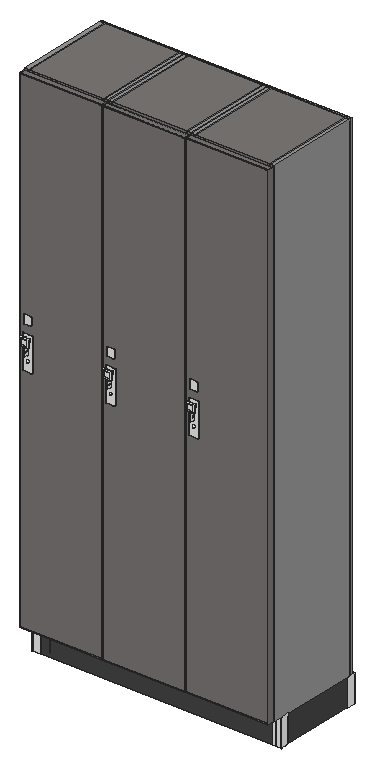
Revit family "Wood_Lockers_Hasps-Salsbury_Industries-41000_Series-3_Wide_Units.rfa", category Specialty Equipment, Revit 2016 (continued)
Definition of nested family "Wood Locker Sloping Corner Fillers"
  Forms (in)
    Extrusion 3, void
      sketch origin (0, 0, 0) x (0, -1, 0) y (1, 0, 0)
        loop
          line (7, 7) -> (-7.625, -7.625) -> (7, -7.625) -> (7, 7)
      from 0 to 5.743
    Extrusion 4, solid, material <- "Laminate Surface", visible <- "Visible"
      sketch origin (9.25, 0, 0) x (0, -1, 0) y (0, 0, 1)
        loop
          line (7, 0) -> (7, 0.062) -> (6.969, 0.062) -> (6.969, 0) -> (7, 0)
      from 0 to 2.25
    Extrusion 5, solid, visible <- "Visible"
      sketch origin (-1.125, -0.8125, 0) x (1, 0, 0) y (0, 0, 1)
        loop
          line (6.28523, 0) -> (8.094, 0) -> (8.094, 0.062) -> (8.04519, 0.062) -> (-6.5, 5.712) -> (-6.5, 4.99437) -> (6.28523, 0)
      from -8.4375 to 8.4375
    Extrusion 6, solid, material <- "Laminate Surface", visible <- "Visible"
      sketch origin (-1.125, -0.8125, 0) x (1, 0, 0) y (0, 0, 1)
        loop
          line (-6.5, 5.743) -> (-6.5, 5.712) -> (8.04519, 0.062) -> (8.125, 0.062) -> (-6.5, 5.743)
      from -8.4375 to 8.4375
    Extrusion 7, solid, material <- "Laminate Surface", visible <- "Visible"
      sketch origin (0, -7, 0) x (1, 0, 0) y (0, 0, 1)
        loop
          line (7, 0) -> (7, 0.062) -> (6.969, 0.062) -> (6.969, 0) -> (7, 0)
      from 0 to 2.25
    Extrusion 8, void
      sketch origin (9.25, 0, 0) x (0, -1, 0) y (0, 0, 1)
        loop
          line (-7.625, 0) -> (5.16023, 0) -> (-7.625, 4.99437) -> (-7.625, 0)
      from 0 to 16.875
  Cuts and joins
    Extrusion 3, Extrusion 8 cuts Extrusion 1
    Extrusion 3 cuts Extrusion 2
    Extrusion 8 cuts Extrusion 5
    Extrusion 8 cuts Extrusion 6
  Dimensions and locks (in)
    locked: plane 4 "Front of Hood" to plane 7 "Black Trim Line" at 0.031
    locked: plane 8 to plane 6 "Bottom of Hood" at 0.062
    locked: plane 9 to plane 6 "Bottom of Hood" at 0.75
    "Height": plane 14 "Top" to plane 6 "Bottom of Hood"
    "Width": plane 12 "New Left Side" to plane 13 "New Right Side"
    "Depth": plane 11 "New Front of Hood" to plane 10 "New Back of Hood"
    equal spacing: plane 12 "New Left Side", plane 3 "Center (Left/Right)", plane 13 "New Right Side"
    equal spacing: plane 11 "New Front of Hood", plane 1 "Center (Front/Back)", plane 10 "New Back of Hood"
    locked: plane 5 "Right Side of Hood" to plane 13 "New Right Side" at 2.25
    locked: plane 11 "New Front of Hood" to plane 4 "Front of Hood" at 2.25
    locked: plane 15 to plane 5 "Right Side of Hood" at 0.031
    aligned and locked: level to plane 2
    aligned and locked: plane 12 "New Left Side" to Extrusion 3
    aligned and locked: Extrusion 2 to plane 13 "New Right Side"
    aligned and locked: plane 12 "New Left Side" to cut or joined group of Extrusion 2, Extrusion 3
    aligned and locked: cut or joined group of Extrusion 2, Extrusion 3 to plane 10 "New Back of Hood"
    aligned and locked: plane 12 "New Left Side" to cut or joined group of Extrusion 1, Extrusion 3, Extrusion 8
    aligned and locked: cut or joined group of Extrusion 1, Extrusion 3, Extrusion 8 to plane 13 "New Right Side"
    aligned and locked: cut or joined group of Extrusion 1, Extrusion 3, Extrusion 8 to plane 10 "New Back of Hood"  (x2)
    aligned and locked: plane 4 "Front of Hood" to cut or joined group of Extrusion 2, Extrusion 3
    aligned and locked: Extrusion 3 to cut or joined group of Extrusion 2, Extrusion 3
    aligned and locked: plane 13 "New Right Side" to cut or joined group of Extrusion 1, Extrusion 3, Extrusion 8
    aligned and locked: plane 5 "Right Side of Hood" to Extrusion 4
    aligned and locked: Extrusion 8 to Extrusion 1  (x2)
    aligned and locked: Extrusion 1 to Extrusion 8
    aligned and locked: cut or joined group of Extrusion 1, Extrusion 3, Extrusion 8 to Extrusion 6
    aligned and locked: plane 11 "New Front of Hood" to Extrusion 6
    aligned and locked: plane 12 "New Left Side" to Extrusion 6
    aligned and locked: plane 11 "New Front of Hood" to Extrusion 5
    aligned and locked: plane 12 "New Left Side" to Extrusion 5
    aligned and locked: cut or joined group of Extrusion 1, Extrusion 3, Extrusion 8 to Extrusion 5
  Automatic sketch dimensions
    Extrusion 1 sketch curve to level = 0.000"
    Extrusion 1 sketch curve to plane 7 "Black Trim Line" = 0.000"
    plane 8 to Extrusion 1 sketch curve = 0.000"
    Extrusion 1 sketch curve to plane 10 "New Back of Hood" = 0.000"
    Extrusion 1 sketch curve to Extrusion 1 sketch curve = 0.04881"
    Extrusion 1 sketch curve to Extrusion 1 sketch curve = 1.75996"
    plane 14 "Top" to Extrusion 1 sketch curve = 0.74863"
    plane 14 "Top" to Extrusion 1 sketch curve = 0.031"
    Extrusion 2 sketch curve to plane 4 "Front of Hood" = 0.000"
    plane 8 to Extrusion 2 sketch curve = 0.000"
    Extrusion 2 sketch curve to plane 10 "New Back of Hood" = 0.000"
    plane 14 "Top" to Extrusion 2 sketch curve = 0.000"
    Extrusion 2 sketch curve to plane 7 "Black Trim Line" = 0.04881"
    plane 14 "Top" to Extrusion 2 sketch curve = 0.031"
    plane 10 "New Back of Hood" to Extrusion 3 sketch curve = 0.000"
    plane 4 "Front of Hood" to Extrusion 3 sketch curve = 0.000"
    Extrusion 3 sketch curve to plane 12 "New Left Side" = 0.000"
    Extrusion 3 sketch curve to plane 5 "Right Side of Hood" = 0.000"
    Extrusion 4 sketch curve to level = 0.000"
    Extrusion 4 sketch curve to plane 7 "Black Trim Line" = 0.000"
    Extrusion 4 sketch curve to plane 4 "Front of Hood" = 0.000"
    plane 8 to Extrusion 4 sketch curve = 0.000"
    Extrusion 5 sketch curve to level = 0.000"
    Extrusion 5 sketch curve to plane 8 = 0.000"
    plane 14 "Top" to Extrusion 5 sketch curve = 0.031"
    Extrusion 5 sketch curve to plane 12 "New Left Side" = 0.000"
    plane 5 "Right Side of Hood" to Extrusion 5 sketch curve = 1.83977"
    plane 5 "Right Side of Hood" to Extrusion 5 sketch curve = 0.07981"
    Extrusion 5 sketch curve to Extrusion 5 sketch curve = 0.04881"
    Extrusion 5 sketch curve to Extrusion 5 sketch curve = 0.71763"
    plane 14 "Top" to Extrusion 6 sketch curve = 0.000"
    Extrusion 6 sketch curve to plane 8 = 0.000"
    Extrusion 6 sketch curve to plane 12 "New Left Side" = 0.000"
    plane 5 "Right Side of Hood" to Extrusion 6 sketch curve = 0.07981"
    Extrusion 6 sketch curve to Extrusion 6 sketch curve = 0.07981"
    plane 14 "Top" to Extrusion 6 sketch curve = 0.031"
    Extrusion 7 sketch curve to level = 0.000"
    plane 15 to Extrusion 7 sketch curve = 0.000"
    plane 5 "Right Side of Hood" to Extrusion 7 sketch curve = 0.000"
    Extrusion 7 sketch curve to plane 8 = 0.000"
    Extrusion 8 sketch curve to plane 10 "New Back of Hood" = 0.000"
    Extrusion 8 sketch curve to level = 0.000"
    Extrusion 8 sketch curve to plane 7 "Black Trim Line" = 1.80877"
    plane 14 "Top" to Extrusion 8 sketch curve = 0.74863"
Definition of nested family "Wood Locker Sloping In-Line Fillers"
  Parameters (values of type "44481 - 15" W for 21" D Lockers")
    Width = 15.000"
    Visible = yes
    Version = "1.0 (12/15/23)"
    Type Comments = "Sloping Hood In-Line Filler for Premier Wood Lockers"
    Model = "44481"
    Manufacturer = "Salsbury Industries"
    Laminate Surface = none
    Height = 7.993"
    Description = "For 21\" D Lockers"
    Depth = 20.625"
  Types (10): name | Width | Visible | Version | Type Comments | Model | Manufacturer | Height | Description | Depth
    (no name) | 15.000" | yes | "1.0 (12/15/23)" | "Sloping Hood In-Line Filler for Premier Wood Lockers" | "44481" | "Salsbury Industries" | 7.993" | "For 21\" D Lockers" | 20.625"
    44487 - 15" W for 15" D Lockers | 15.000" | yes | "1.0 (12/15/23)" | "Sloping Hood In-Line Filler for Premier Wood Lockers" | "44487" | "Salsbury Industries" | 5.743" | "For 15\" D Lockers" | 14.625"
    44488 - 15" W for 18" D Lockers | 15.000" | yes | "1.0 (12/15/23)" | "Sloping Hood In-Line Filler for Premier Wood Lockers" | "44488" | "Salsbury Industries" | 6.868" | "For 18\" D Lockers" | 17.625"
    44481 - 15" W for 21" D Lockers | 15.000" | yes | "1.0 (12/15/23)" | "Sloping Hood In-Line Filler for Premier Wood Lockers" | "44481" | "Salsbury Industries" | 7.993" | "For 21\" D Lockers" | 20.625"
    None | 12.000" | no | "" | "" | "" | "" | 5.500" | "" | 14.000"
    44489 - 15" W for 24" D Lockers | 15.000" | yes | "1.0 (12/15/23)" | "Sloping Hood In-Line Filler for Premier Wood Lockers" | "44489" | "Salsbury Industries" | 8.875" | "For 24\" D Lockers" | 23.000"
    44488 - 9" W for 18" D Lockers | 9.000" | yes | "1.0 (12/15/23)" | "Sloping Hood In-Line Filler for Premier Wood Lockers" | "44488" | "Salsbury Industries" | 6.868" | "For 18\" D Lockers" | 17.625"
    44487 - 9" W for 15" D Lockers | 9.000" | yes | "1.0 (12/15/23)" | "Sloping Hood In-Line Filler for Premier Wood Lockers" | "44487" | "Salsbury Industries" | 5.743" | "For 15\" D Lockers" | 14.625"
    44481 - 9" W for 21" D Lockers | 9.000" | yes | "1.0 (12/15/23)" | "Sloping Hood In-Line Filler for Premier Wood Lockers" | "44481" | "Salsbury Industries" | 7.750" | "For 21\" D Lockers" | 20.000"
    44489 - 9" W for 24" D Lockers | 9.000" | yes | "1.0 (12/15/23)" | "Sloping Hood In-Line Filler for Premier Wood Lockers" | "44489" | "Salsbury Industries" | 8.875" | "For 24\" D Lockers" | 23.000"
  Reference planes (in)
    plane 1 "Center (Front/Back)": y = 0
    plane 2: z = 0
    plane 3 "Center (Left/Right)": x = 0
    plane 4 "Front of Hood": y = -10.3125
    plane 5 "Back of Hood": y = 10.3125
    plane 6 "Right Side of Hood": x = 7.5
    plane 7 "Left Side of Hood": x = -7.5
    plane 8 "Bottom of Hood": z = 0
    plane 9 "Top of Hood": z = 7.993
    plane 10: x = 6.75
    plane 11: x = -6.75
    plane 12: y = -10.2815
    plane 13: y = -9.5625
    plane 14: z = 7.962
    plane 15: z = 7.243
    plane 16: z = 0.062
    plane 17: z = 0.75
  Forms (in)
    Extrusion 1, solid, visible <- "Visible"
      sketch origin (0, 0, 0) x (0, 1, 0) y (0, 0, 1)
        loop
          line (-8.47273, 0) -> (10.3125, 7.243) -> (10.3125, 7.962) -> (-10.23269, 0.062) -> (-10.2815, 0.062) -> (-10.2815, 0) -> (-8.47273, 0)
      from -7.5 to 7.5
    Extrusion 2, solid, material <- "Laminate Surface", visible <- "Visible"
      sketch origin (0, 0, 0) x (0, 1, 0) y (0, 0, 1)
        loop
          line (-10.3125, 0.062) -> (-10.3125, 0) -> (-10.2815, 0) -> (-10.2815, 0.062) -> (-10.3125, 0.062)
      from -7.5 to 7.5
    Extrusion 3, solid, material <- "Laminate Surface", visible <- "Visible"
      sketch origin (0, 0, 0) x (0, 1, 0) y (0, 0, 1)
        loop
          line (10.3125, 7.993) -> (-10.3125, 0.062) -> (-10.23269, 0.062) -> (10.3125, 7.962) -> (10.3125, 7.993)
      from -7.5 to 7.5
  Dimensions and locks (in)
    equal spacing: plane 7 "Left Side of Hood", plane 3 "Center (Left/Right)", plane 6 "Right Side of Hood"
    "Width": plane 7 "Left Side of Hood" to plane 6 "Right Side of Hood"
    equal spacing: plane 4 "Front of Hood", plane 1 "Center (Front/Back)", plane 5 "Back of Hood"
    "Depth": plane 4 "Front of Hood" to plane 5 "Back of Hood"
    "Height": plane 9 "Top of Hood" to plane 8 "Bottom of Hood"
    plane 7 "Left Side of Hood" to plane 11 = 0.750"
    plane 10 to plane 6 "Right Side of Hood" = 0.750"
    plane 4 "Front of Hood" to plane 12 to plane 13 = 0.031" locked, 0.719" locked
    plane 15 to plane 14 to plane 9 "Top of Hood" = 0.719" locked, 0.031" locked
    locked: plane 16 to plane 8 "Bottom of Hood" at 0.062
    locked: plane 17 to plane 8 "Bottom of Hood" at 0.75
    aligned and locked: level to plane 2
    aligned and locked: Extrusion 1 to plane 6 "Right Side of Hood"
    aligned and locked: plane 7 "Left Side of Hood" to Extrusion 1
    aligned and locked: plane 7 "Left Side of Hood" to Extrusion 3
    aligned and locked: Extrusion 3 to plane 6 "Right Side of Hood"
    aligned and locked: Extrusion 2 to plane 6 "Right Side of Hood"
    aligned and locked: plane 7 "Left Side of Hood" to Extrusion 2
  Automatic sketch dimensions
    Extrusion 2 sketch curve to level = 0.000"
    Extrusion 2 sketch curve to plane 4 "Front of Hood" = 0.000"
    Extrusion 2 sketch curve to plane 12 = 0.000"
    plane 16 to Extrusion 2 sketch curve = 0.000"
    Extrusion 3 sketch curve to plane 4 "Front of Hood" = 0.000"
    plane 16 to Extrusion 3 sketch curve = 0.000"
    Extrusion 3 sketch curve to plane 5 "Back of Hood" = 0.000"
    plane 14 to Extrusion 3 sketch curve = 0.000"
    plane 9 "Top of Hood" to Extrusion 3 sketch curve = 0.000"
    Extrusion 3 sketch curve to plane 12 = 0.04881"
    Extrusion 1 sketch curve to level = 0.000"
    Extrusion 1 sketch curve to plane 12 = 0.000"
    plane 16 to Extrusion 1 sketch curve = 0.000"
    Extrusion 1 sketch curve to plane 5 "Back of Hood" = 0.000"
    plane 15 to Extrusion 1 sketch curve = 0.000"
    plane 14 to Extrusion 1 sketch curve = 0.000"
    Extrusion 1 sketch curve to plane 13 = 1.08977"
    Extrusion 1 sketch curve to plane 12 = 0.04881"
Types (7): name | Unit Height including Sloping Hood Only | Unit Height including Base Only | Sloping Hood Height | Overall Unit Height including Base and Sloping Hood | Model | Description | Depth | Compartment Depth | Base Height | Base Depth | Base
  (no name) | 77.743" | 76.000" | 5.743" | 81.743" | "41365" | "3 Wide - 6 Feet High - 15 inches Deep - with Base" | 15.000" | 13.750" | 4.000" | 13.250" | Wood Locker Bases : Base - 36" W x 15" D Lockers
  41365 | 77.743" | 76.000" | 5.743" | 81.743" | "41365" | "3 Wide - 6 Feet High - 15 inches Deep - with Base" | 15.000" | 13.750" | 4.000" | 13.250" | Wood Locker Bases : Base - 36" W x 15" D Lockers
  41365 - Without Base | 77.743" | 72.000" | 5.743" | 77.743" | "41365 - without Base" | "3 Wide - 6 Feet High - 15 inches Deep - with Base" | 15.000" | 13.750" | 0.000" | 13.250" | Wood Locker Bases : None
  41368 | 78.868" | 76.000" | 6.868" | 82.868" | "41368" | "3 Wide - 6 Feet High - 18 inches Deep - with Base" | 18.000" | 16.750" | 4.000" | 16.250" | Wood Locker Bases : Base - 36" W x 18" D Lockers
  41368 - Without Base | 78.868" | 72.000" | 6.868" | 78.868" | "41368 - without Base" | "3 Wide - 6 Feet High - 18 inches Deep - with Base" | 18.000" | 16.750" | 0.000" | 16.250" | Wood Locker Bases : None
  41361 | 79.993" | 76.000" | 7.993" | 83.993" | "41361" | "3 Wide - 6 Feet High - 21 inches Deep - with Base" | 21.000" | 19.750" | 4.000" | 19.250" | Wood Locker Bases : Base - 36" W x 21" D Lockers
  41361 - Without Base | 79.993" | 72.000" | 7.993" | 79.993" | "41368 - without Base" | "3 Wide - 6 Feet High - 21 inches Deep - with Base" | 21.000" | 19.750" | 0.000" | 19.250" | Wood Locker Bases : None
